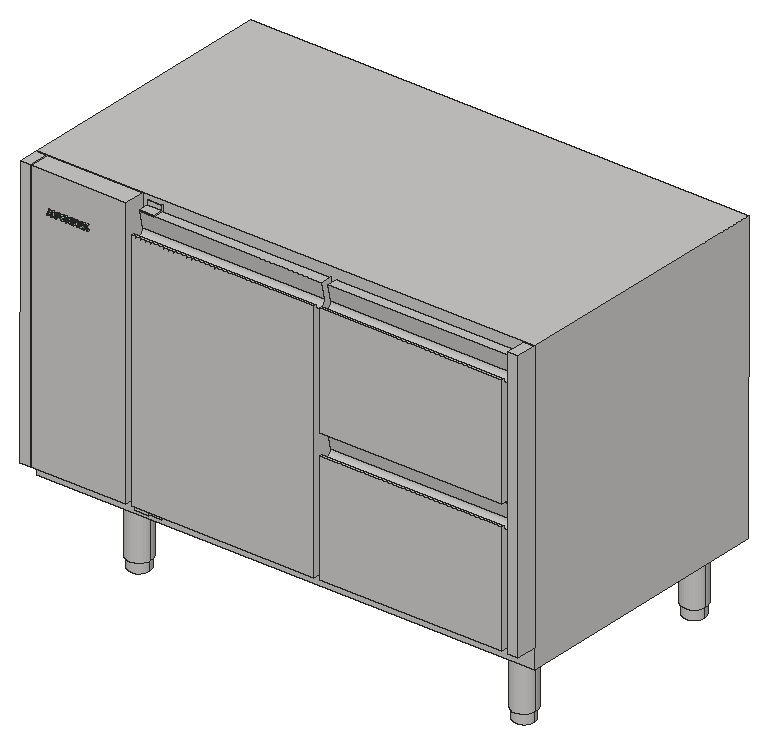
Revit family "QF_ALPENINOX_713344_AHR2RL", category Specialty Equipment, Revit 2014
Parameters
  Manufacturer = ""
  Model = ""
  Description = ""
Reference planes
  plane 1: z = 0
  plane 2 "Center (Left/Right)": x = -124.5
  plane 3 "Center (Front/Back)": y = 64.5
  plane 4 "FEET": z = 150
  plane 5 "TOP": z = 900
  plane 6 "PLAIN": z = 850
  plane 7 "EI_back": y = -116
  plane 8 "EI_left": x = -598
  plane 9 "BACK": y = 412
  plane 10 "FRONT": y = -283
  plane 11 "DOOR": y = -233
  plane 12 "LEFT": x = -726
  plane 13 "RIGHT": x = 477
  plane 14: x = -701
  plane 15: x = 452
  plane 16 "RO_left": x = -645
  plane 17 "RI_left": x = -620
  plane 18 "RO_back": y = 39
  plane 19 "RI_back": y = 39
  plane 20 "DRAINleft": x = -660
  plane 21 "DRAINback": y = 164
Forms (mm)
  Extrusion 1, solid, material "QF_Finishes_Stainless Steel"
    sketch origin (-1022.223, -1524, 150) x (-1, 0, 0) y (0, -1, 0)
      loop
        circle (-424.223, -1408) r 5
    from 0 to -40
  Extrusion 2, solid, material "QF_Finishes_Stainless Steel"
    sketch origin (-1022.223, -1524, 150) x (-1, 0, 0) y (0, -1, 0)
      loop
        line (-1474.223, -1291) -> (-1474.223, -1241) -> (-1499.223, -1241) -> (-1499.223, -1291) -> (-1474.223, -1291)
    from 48 to 700
  Extrusion 3, solid, material "QF_Finishes_Stainless Steel"
    sketch origin (-1022.223, -1524, 150) x (-1, 0, 0) y (0, -1, 0)
      loop
        circle (-377.223, -1563) r 4.25
    from 0 to -20
  Extrusion 4, solid, material "QF_Finishes_Stainless Steel"
    sketch origin (-1022.223, -1524, 150) x (-1, 0, 0) y (0, -1, 0)
      loop
        circle (-402.223, -1563) r 4
    from 0 to -20
  Extrusion 5, solid, material "QF_Finishes_Stainless Steel"
    sketch origin (-1022.223, -1524, 150) x (-1, 0, 0) y (0, -1, 0)
      loop
        circle (-362.223, -1688) r 8.5
    from 0 to -40
  Extrusion 6, solid, material "QF_Finishes_Stainless Steel"
    sketch origin (-1022.223, -1524, 150) x (-1, 0, 0) y (0, -1, 0)
      loop
        line (-296.223, -1936) -> (-296.223, -1291) -> (-1499.223, -1291) -> (-1499.223, -1936) -> (-296.223, -1936)
    from 0 to 700
  Extrusion 7, solid, material "QF_Finishes_Stainless Steel"
    sketch origin (773.223, -1524, 150) x (1, 0, 0) y (0, 1, 0)
      loop
        line (-1474.223, 1291) -> (-1499.223, 1291) -> (-1499.223, 1241) -> (-1474.223, 1241) -> (-1474.223, 1291)
    from 48 to 700
Lines and regions (mm)
  symbolic lines, style "SpecialityEquipmentHiddenLines"
    curve 1: line (-726, 412, 150) -> (477, 412, 150)
    curve 2: line (-726, -283, 150) -> (-726, 412, 150)
    curve 3: line (477, -283, 150) -> (-726, -283, 150)
    curve 4: line (477, 412, 150) -> (477, -283, 150)
    curve 5: line (-726, -233, 150) -> (477, -233, 150)
    curve 6: line (452, -233, 150) -> (452, -283, 150)
    curve 7: line (-701, -233, 150) -> (-701, -283, 150)
Dimensions and locks
  plane 4 "FEET" to level = 150 mm
  plane 11 "DOOR" to plane 10 "FRONT" = 50 mm
  plane 6 "PLAIN" to plane 4 "FEET" = 700 mm
  plane 5 "TOP" to plane 6 "PLAIN" = 50 mm
  plane 12 "LEFT" to plane 14 = 25 mm
  plane 15 to plane 13 "RIGHT" = 25 mm
  plane 9 "BACK" to plane 18 "RO_back" = 373 mm
  plane 9 "BACK" to plane 7 "EI_back" = 528 mm
  plane 9 "BACK" to plane 19 "RI_back" = 373 mm
  plane 9 "BACK" to plane 21 "DRAINback" = 248 mm
  plane 12 "LEFT" to plane 20 "DRAINleft" = 66 mm
  plane 12 "LEFT" to plane 8 "EI_left" = 128 mm
  plane 12 "LEFT" to plane 17 "RI_left" = 106 mm
  plane 12 "LEFT" to plane 16 "RO_left" = 81 mm
  plane 9 "BACK" to plane 10 "FRONT" = 695 mm
  equal spacing: plane 9 "BACK", plane 3 "Center (Front/Back)", plane 10 "FRONT"
  plane 12 "LEFT" to plane 13 "RIGHT" = 1203 mm
  equal spacing: plane 12 "LEFT", plane 2 "Center (Left/Right)", plane 13 "RIGHT"
  aligned and locked: level to plane 1
Automatic sketch dimensions
  Extrusion 1 sketch curve to plane 7 "EI_back" = 0 mm
  Extrusion 1 sketch curve to plane 8 "EI_left" = 0 mm
  Extrusion 2 sketch curve to plane 11 "DOOR" = 0 mm
  Extrusion 2 sketch curve to plane 13 "RIGHT" = 0 mm
  Extrusion 2 sketch curve to plane 10 "FRONT" = 0 mm
  Extrusion 2 sketch curve to plane 15 = 0 mm
  Extrusion 3 sketch curve to plane 16 "RO_left" = 0 mm
  Extrusion 3 sketch curve to plane 18 "RO_back" = 0 mm
  Extrusion 5 sketch curve to plane 20 "DRAINleft" = 0 mm
  Extrusion 5 sketch curve to plane 21 "DRAINback" = 0 mm
  Extrusion 6 sketch curve to plane 9 "BACK" = 0 mm
  Extrusion 6 sketch curve to plane 13 "RIGHT" = 0 mm
  Extrusion 6 sketch curve to plane 11 "DOOR" = 0 mm
  Extrusion 6 sketch curve to plane 12 "LEFT" = 0 mm
  curve 4 to plane 10 "FRONT" = 0 mm
  curve 4 to plane 13 "RIGHT" = 0 mm
  curve 6 to plane 11 "DOOR" = 0 mm
  curve 6 to plane 15 = 0 mm
  curve 7 to plane 14 = 0 mm
  curve 3 to plane 12 "LEFT" = 0 mm
  curve 1 to plane 9 "BACK" = 0 mm
  Extrusion 7 sketch curve to plane 11 "DOOR" = 0 mm
  Extrusion 7 sketch curve to plane 12 "LEFT" = 0 mm
  Extrusion 7 sketch curve to plane 10 "FRONT" = 0 mm
  Extrusion 7 sketch curve to plane 14 = 0 mm
  Extrusion 4 sketch curve to plane 17 "RI_left" = 0 mm
  Extrusion 4 sketch curve to plane 19 "RI_back" = 0 mm
  radius of Extrusion 1 sketch curve = 5 mm
  radius of Extrusion 3 sketch curve = 4.25 mm
  radius of Extrusion 5 sketch curve = 8.5 mm
  radius of Extrusion 4 sketch curve = 4 mm
Nested families
  nested 1: "HPP_Refrigerator" at (477, -283, 0), type "HPP_Refrigerator"
  nested 2: "HPP_FEET" at (-519, 331, 0), type "HPP_FEET"
  nested 3: "HPP_FEET" at (411, 331, 0), type "HPP_FEET"
  nested 4: "HPP_FEET" at (-519, -183, 0), type "HPP_FEET"
  nested 5: "HPP_FEET" at (411, -183, 0), type "HPP_FEET"
  nested 6: "HPP_APX_REM_TN_L" at (-506.58, -233, 598) x (1, 0, 0) z (0, -1, 0), type "HPP_APX_REM_TN_L"
    with Show Logo yes
  nested 7: "HPP_APX_SD_L" at (-236, -233, 512) x (1, 0, 0) z (0, -1, 0), type "HPP_APX_SD_L"
    with Show Clearance yes
  nested 8: "HPP_APX_HALF" at (218, -233, 512) x (1, 0, 0) z (0, -1, 0), type "HPP_APX_HALF"
    with Show Clearance yes
Connectors
  electrical at (-598, -116, 110)
    settings: on Extrusion 1, index 1, voltage 0 V, apparent load 0 VA, apparent load phase1 0 VA, apparent load phase2 0 VA, apparent load phase3 0 VA, power factor 1, load classification "Other", number of poles 1, system type 31, power factor state 1, is connector primary yes, connector utility no, sub classification motor no, connector description "Electrical Connection"
  piping at (-645, 39, 130), diameter 9.5
    settings: on Extrusion 3, index 3, connector inside diameter 609.6 mm, connector length 0 mm, flow factor 0, pipe flow 0.0 L/s, pressure drop 0.0 Pa, fitting loss kfactor 0, connector angle 0.00°, fixture units 0, engagement length 0 mm, angle of deflection 0.00°, flow configuration 1, flow direction 2, fitting loss method 0, system type 8, joint type 0, gender type 0, connector reference index -1, connector utility 0, adjustable connector no, is connector primary yes, connector description "Refrigerant Outlet"
  piping at (-620, 39, 130), diameter 8
    settings: on Extrusion 4, index 4, connector inside diameter 609.6 mm, connector length 0 mm, flow factor 0, pipe flow 0.0 L/s, pressure drop 0.0 Pa, fitting loss kfactor 0, connector angle 0.00°, fixture units 0, engagement length 0 mm, angle of deflection 0.00°, flow configuration 1, flow direction 1, fitting loss method 0, system type 7, joint type 0, gender type 0, connector reference index -1, connector utility 0, adjustable connector no, is connector primary no, connector description "Refrigerant Inlet"
  piping at (-660, 164, 110), diameter 17
    settings: on Extrusion 5, index 5, connector inside diameter 609.6 mm, connector length 0 mm, flow factor 0, pipe flow 0.0 L/s, pressure drop 0.0 Pa, fitting loss kfactor 0, connector angle 0.00°, fixture units 0, engagement length 0 mm, angle of deflection 0.00°, flow configuration 1, flow direction 2, fitting loss method 0, system type 16, joint type 0, gender type 0, connector reference index -1, connector utility 0, adjustable connector no, is connector primary no, connector description "Drain"
Definition of nested family "HPP_FEET"
  Parameters (values of type "HPP_FEET")
    FEET = 150 mm
  Reference planes
    plane 1 "Center (Front/Back)": y = 0
    plane 2: z = 0
    plane 3 "Center (Left/Right)": x = 0
    plane 4: z = 150
  Forms (mm)
    Revolve 1, solid, material "QF_Finishes_Stainless Steel"
      sketch origin (255.05, 0, 608.09) x (0, 0, 1) y (-1, 0, 0)
        loop
          line (-608.09, 255.05) -> (-608.09, 230.05) -> (-583.09, 230.05) -> (-583.09, 226.05) -> (-458.09, 226.05) -> (-458.09, 255.05) -> (-608.09, 255.05)
        axis (-608.09, 255.05) -> (-458.09, 255.05)
      angle from 0 to 360
  Dimensions and locks
    locked: Revolve 1 sketch curve to Revolve 1 sketch curve at 125
    "FEET": plane 4 to plane 2
    aligned and locked: level to plane 2
    aligned and locked: plane 4 to Revolve 1 sketch curve
    aligned and locked: Revolve 1 sketch curve to level
    aligned and locked: plane 3 "Center (Left/Right)" to Revolve 1 sketch curve
  Automatic sketch dimensions
    Revolve 1 sketch curve to plane 3 "Center (Left/Right)" = 0 mm
    Revolve 1 sketch curve to Revolve 1 sketch curve = 25 mm
    Revolve 1 sketch curve to Revolve 1 sketch curve = 29 mm
    plane 4 to Revolve 1 sketch curve = 50 mm
    Revolve 1 sketch curve to Revolve 1 sketch curve = 20 mm
Definition of nested family "HPP_APX_REM_TN_L"
  Parameters (values of type "HPP_APX_REM_TN_L")
    Show Logo [instance] = yes
    Default Elevation = 1219.2 mm
  Reference planes
    plane 1 "Center (Front/Back)": y = -74
    plane 2: z = 0
    plane 3 "Center (Left/Right)": x = -78.92
    plane 4: x = -194.42
    plane 5: x = 36.58
    plane 6: y = 252
    plane 7: y = -400
  Forms (mm)
    Extrusion 1, solid
      sketch origin (0, 0, 0) x (1, 0, 0) y (0, 1, 0)
        loop
          line (-1219.2, 1219.2) -> (-1219.2, -1219.2) -> (1219.2, -1219.2) -> (1219.2, 1219.2) -> (-1219.2, 1219.2)
      from 0 to -304.8
    Extrusion 2, solid, material "QF_Finishes_Stainless Steel"
      sketch origin (0, 0, 0) x (1, 0, 0) y (0, 1, 0)
        loop
          line (-194.42, 252) -> (-194.42, -400) -> (36.58, -400) -> (36.58, 252) -> (-194.42, 252)
      from 0 to 50
    Extrusion 3, solid, material "QF_Finishes_Alpeninox_Soft Green"
      sketch origin (18.272, 0.892, 0) x (1, 0, 0) y (0, 1, 0)
        loop
          line (-168.675, 170.349) -> (-172.411, 160.318)
          arc (-172.411, 160.318) -> (-171.624, 158.497) -> (-169.837, 159.36) r 1.374
          line (-169.837, 159.36) -> (-169.268, 161.111) -> (-164.1, 161.111) -> (-163.54, 159.379)
          arc (-163.54, 159.379) -> (-161.802, 158.542) -> (-161.049, 160.318) r 1.333
          line (-161.049, 160.318) -> (-164.694, 170.349)
          arc (-164.694, 170.349) -> (-166.685, 171.876) -> (-168.675, 170.349) r 2.06
        loop
          line (-166.681, 169.055) -> (-168.469, 163.655) -> (-164.935, 163.655) -> (-166.681, 169.055)
        loop
          arc (-159.705, 160.042) -> (-159.262, 158.973) -> (-158.194, 158.531) r 1.512
          line (-158.194, 158.531) -> (-153.608, 158.531)
          arc (-153.608, 158.531) -> (-152.337, 159.802) -> (-153.608, 161.074) r 1.272
          line (-153.608, 161.074) -> (-156.917, 161.074) -> (-156.917, 170.328)
          arc (-156.917, 170.328) -> (-158.311, 171.722) -> (-159.705, 170.328) r 1.394
          line (-159.705, 170.328) -> (-159.705, 160.042)
        loop
          line (-151.076, 170.218) -> (-151.076, 159.859)
          arc (-151.076, 159.859) -> (-149.683, 158.466) -> (-148.29, 159.859) r 1.393
          line (-148.29, 159.859) -> (-148.29, 162.882) -> (-146.225, 162.882)
          arc (-146.225, 162.882) -> (-142.999, 163.859) -> (-141.608, 166.928) r 4.082
          arc (-141.608, 166.928) -> (-142.993, 170.272) -> (-146.336, 171.657) r 4.728
          line (-146.336, 171.657) -> (-149.638, 171.657)
          arc (-149.638, 171.657) -> (-150.655, 171.235) -> (-151.076, 170.218) r 1.439
        loop
          line (-148.29, 165.313) -> (-146.388, 165.313)
          arc (-146.388, 165.313) -> (-144.433, 167.268) -> (-146.388, 169.222) r 1.955
          line (-146.388, 169.222) -> (-148.29, 169.222) -> (-148.29, 165.313)
        loop
          arc (-131.184, 166.332) -> (-132.004, 168.2) -> (-133.767, 169.228) r 3.3
          arc (-133.767, 169.228) -> (-136.353, 168.661) -> (-137.611, 166.332) r 3.176
          line (-137.611, 166.332) -> (-131.184, 166.332)
        loop
          line (-137.538, 163.743) -> (-130.544, 163.743)
          arc (-130.544, 163.743) -> (-129.292, 163.916) -> (-128.301, 164.701) r 2.4
          arc (-128.301, 164.701) -> (-128.155, 165.545) -> (-128.212, 166.399) r 3.635
          arc (-128.212, 166.399) -> (-130.364, 170.162) -> (-134.39, 171.769) r 6.579
          arc (-134.39, 171.769) -> (-138.918, 169.706) -> (-140.661, 165.044) r 6.501
          arc (-140.661, 165.044) -> (-139.276, 160.789) -> (-135.401, 158.549) r 6.252
          arc (-135.401, 158.549) -> (-132.922, 158.526) -> (-130.544, 159.232) r 8.361
          arc (-130.544, 159.232) -> (-129.466, 159.781) -> (-128.641, 160.666) r 3.486
          arc (-128.641, 160.666) -> (-128.419, 161.592) -> (-128.828, 162.451) r 1.425
          arc (-128.828, 162.451) -> (-129.368, 162.762) -> (-129.99, 162.762) r 1.203
          arc (-129.99, 162.762) -> (-130.406, 162.59) -> (-130.764, 162.316) r 1.724
          arc (-130.764, 162.316) -> (-131.666, 161.705) -> (-132.646, 161.229) r 7.6
          arc (-132.646, 161.229) -> (-135.676, 161.35) -> (-137.538, 163.743) r 3.6
        loop
          line (-126.669, 170.328) -> (-126.669, 159.859)
          arc (-126.669, 159.859) -> (-125.273, 158.463) -> (-123.878, 159.859) r 1.396
          line (-123.878, 159.859) -> (-123.878, 166.785) -> (-117.946, 159.029)
          arc (-117.946, 159.029) -> (-116.361, 158.51) -> (-115.379, 159.859) r 1.417
          line (-115.379, 159.859) -> (-115.379, 170.328)
          arc (-115.379, 170.328) -> (-116.774, 171.723) -> (-118.169, 170.328) r 1.395
          line (-118.169, 170.328) -> (-118.169, 163.311) -> (-124.101, 171.157)
          arc (-124.101, 171.157) -> (-125.687, 171.678) -> (-126.669, 170.328) r 1.418
        loop
          arc (-113.636, 159.859) -> (-112.241, 158.464) -> (-110.847, 159.859) r 1.394
          line (-110.847, 159.859) -> (-110.847, 170.328)
          arc (-110.847, 170.328) -> (-112.241, 171.723) -> (-113.636, 170.328) r 1.394
          line (-113.636, 170.328) -> (-113.636, 159.859)
        loop
          line (-109.102, 170.328) -> (-109.102, 159.859)
          arc (-109.102, 159.859) -> (-107.706, 158.463) -> (-106.31, 159.859) r 1.396
          line (-106.31, 159.859) -> (-106.31, 166.785) -> (-100.378, 159.029)
          arc (-100.378, 159.029) -> (-98.793, 158.51) -> (-97.812, 159.859) r 1.417
          line (-97.812, 159.859) -> (-97.812, 170.328)
          arc (-97.812, 170.328) -> (-99.207, 171.723) -> (-100.602, 170.328) r 1.395
          line (-100.602, 170.328) -> (-100.602, 163.311) -> (-106.533, 171.157)
          arc (-106.533, 171.157) -> (-108.119, 171.678) -> (-109.102, 170.328) r 1.418
        loop
          arc (-96.345, 165.093) -> (-95.619, 161.877) -> (-93.467, 159.379) r 6.806
          arc (-93.467, 159.379) -> (-91.792, 158.566) -> (-89.948, 158.31) r 5.956
          arc (-89.948, 158.31) -> (-88.104, 158.566) -> (-86.43, 159.379) r 5.956
          arc (-86.43, 159.379) -> (-84.277, 161.877) -> (-83.551, 165.093) r 6.806
          arc (-83.551, 165.093) -> (-84.277, 168.31) -> (-86.43, 170.808) r 6.806
          arc (-86.43, 170.808) -> (-88.104, 171.621) -> (-89.948, 171.877) r 5.956
          arc (-89.948, 171.877) -> (-91.792, 171.621) -> (-93.467, 170.808) r 5.956
          arc (-93.467, 170.808) -> (-95.619, 168.31) -> (-96.345, 165.093) r 6.806
        loop
          arc (-93.425, 165.093) -> (-93.138, 163.212) -> (-92.081, 161.629) r 4.387
          arc (-92.081, 161.629) -> (-91.087, 161.049) -> (-89.948, 160.881) r 3.035
          arc (-89.948, 160.881) -> (-88.809, 161.049) -> (-87.815, 161.629) r 3.035
          arc (-87.815, 161.629) -> (-86.759, 163.212) -> (-86.472, 165.093) r 4.387
          arc (-86.472, 165.093) -> (-86.759, 166.975) -> (-87.815, 168.558) r 4.387
          arc (-87.815, 168.558) -> (-88.809, 169.138) -> (-89.948, 169.306) r 3.035
          arc (-89.948, 169.306) -> (-91.087, 169.138) -> (-92.081, 168.558) r 3.035
          arc (-92.081, 168.558) -> (-93.138, 166.975) -> (-93.425, 165.093) r 4.387
        loop
          line (-82.843, 169.609) -> (-79.829, 165.552) -> (-83.513, 160.652)
          arc (-83.513, 160.652) -> (-83.216, 158.692) -> (-81.262, 159.029) r 1.388
          line (-81.262, 159.029) -> (-78.213, 163.232) -> (-75.164, 159.029)
          arc (-75.164, 159.029) -> (-73.211, 158.692) -> (-72.913, 160.652) r 1.388
          line (-72.913, 160.652) -> (-76.597, 165.552) -> (-73.584, 169.609)
          arc (-73.584, 169.609) -> (-73.952, 171.597) -> (-75.908, 171.084) r 1.38
          line (-75.908, 171.084) -> (-78.213, 167.841) -> (-80.519, 171.084)
          arc (-80.519, 171.084) -> (-82.474, 171.597) -> (-82.843, 169.609) r 1.38
      from 50 to 51.6
  Lines and regions (mm)
    Split face 1
      outline origin (0, 0, 50) x (1, 0, 0) y (0, 1, 0)
        loop
          line (36.58, 183) -> (-147.92, 183)
          arc (-147.92, 183) -> (-165.42, 165.5) -> (-147.92, 148) r 17.5
          line (-147.92, 148) -> (36.58, 148)
    Split face 2
      outline origin (12.5, 0, 50) x (1, 0, 0) y (0, 1, 0)
        loop
          line (-55.92, 177) -> (-55.92, 154) -> (14.08, 154) -> (14.08, 177) -> (-55.92, 177)
    Split face 3
      outline origin (12.5, 0, 50) x (1, 0, 0) y (0, 1, 0)
        loop
          line (-5.92, 174) -> (-5.92, 157) -> (11.08, 157) -> (11.08, 174) -> (-5.92, 174)
    Split face 4
      outline origin (0, 0, 50) x (1, 0, 0) y (0, 1, 0)
        loop
          line (-194.42, 188) -> (36.58, 188)
        loop
          line (-194.42, 143) -> (36.58, 143)
    symbolic lines, style "SpecialityEquipmentHiddenLines"
      curve 1: line (36.58, -74, 50) -> (36.58, -74, 0)
      curve 2: line (-194.42, -74, 50) -> (-194.42, -74, 0)
  Dimensions and locks
    equal spacing: plane 6, plane 1 "Center (Front/Back)", plane 7
    plane 4 to plane 5 = 231 mm
    equal spacing: plane 4, plane 3 "Center (Left/Right)", plane 5
    plane 6 to plane 7 = 652 mm
    aligned and locked: plane 2 to Extrusion 1
    aligned and locked: level to Extrusion 1
  Automatic sketch dimensions
    Extrusion 1 sketch curve to Extrusion 1 sketch curve = 2438.4 mm  (x2)
    Extrusion 2 sketch curve to plane 4 = 0 mm
    Extrusion 2 sketch curve to plane 5 = 0 mm
    Extrusion 2 sketch curve to plane 7 = 0 mm
    Extrusion 2 sketch curve to plane 6 = 0 mm
    Split face 1 sketch curve to Extrusion 2 = 0 mm  (x2)
    Split face 1 sketch curve to Extrusion 2 = 46.5 mm
    Split face 1 sketch curve to Extrusion 2 = 86.5 mm
    Split face 1 sketch curve to Split face 1 sketch curve = 17.5 mm
    Split face 2 sketch curve to Extrusion 2 = 80 mm
    Split face 2 sketch curve to Extrusion 2 = 10 mm
    Split face 2 sketch curve to Extrusion 2 = 98 mm
    Split face 2 sketch curve to Split face 2 sketch curve = 23 mm
    Split face 3 sketch curve to Extrusion 2 = 30 mm
    Split face 3 sketch curve to Split face 3 sketch curve = 17 mm  (x2)
    Split face 3 sketch curve to Extrusion 2 = 95 mm
    plane 4 to Extrusion 3 sketch curve = 40.282 mm
    Extrusion 3 sketch curve to Extrusion 3 sketch curve = 1.266 mm
    Extrusion 3 sketch curve to Extrusion 3 sketch curve = 1.307 mm
    Extrusion 3 sketch curve to Extrusion 3 sketch curve = 0.57 mm
    Extrusion 3 sketch curve to Extrusion 3 sketch curve = 0.593 mm
    Extrusion 3 sketch curve to Extrusion 3 sketch curve = 0.799 mm
    Extrusion 3 sketch curve to Extrusion 3 sketch curve = 1.99 mm  (x2)
    Extrusion 3 sketch curve to Extrusion 3 sketch curve = 0.003 mm
    Extrusion 3 sketch curve to Extrusion 3 sketch curve = 3.534 mm
    Extrusion 3 sketch curve to Extrusion 3 sketch curve = 0.835 mm
    Extrusion 3 sketch curve to Extrusion 3 sketch curve = 0.56 mm
    Extrusion 3 sketch curve to Extrusion 3 sketch curve = 1.268 mm
    Extrusion 3 sketch curve to Extrusion 3 sketch curve = 1.223 mm
    Extrusion 3 sketch curve to Extrusion 3 sketch curve = 1.344 mm
    Extrusion 3 sketch curve to Extrusion 3 sketch curve = 1.394 mm  (x2)
    Extrusion 3 sketch curve to Extrusion 3 sketch curve = 1.512 mm
    Extrusion 3 sketch curve to Extrusion 3 sketch curve = 3.309 mm
    Extrusion 3 sketch curve to Extrusion 3 sketch curve = 5.841 mm
    Extrusion 3 sketch curve to Extrusion 3 sketch curve = 1.393 mm
    Extrusion 3 sketch curve to Extrusion 3 sketch curve = 1.439 mm
    Extrusion 3 sketch curve to Extrusion 3 sketch curve = 0 mm  (x18)
    Extrusion 3 sketch curve to Extrusion 3 sketch curve = 1.902 mm
    Extrusion 3 sketch curve to Extrusion 3 sketch curve = 0.052 mm
    Extrusion 3 sketch curve to Extrusion 3 sketch curve = 2.065 mm
    Extrusion 3 sketch curve to Extrusion 3 sketch curve = 0.647 mm
    Extrusion 3 sketch curve to Extrusion 3 sketch curve = 8.079 mm
    Extrusion 3 sketch curve to Extrusion 3 sketch curve = 0.073 mm
    Extrusion 3 sketch curve to Extrusion 3 sketch curve = 2.145 mm
    Extrusion 3 sketch curve to Extrusion 3 sketch curve = 2.931 mm
    Extrusion 3 sketch curve to Extrusion 3 sketch curve = 0.213 mm
    Extrusion 3 sketch curve to Extrusion 3 sketch curve = 0.026 mm
    Extrusion 3 sketch curve to Extrusion 3 sketch curve = 0.263 mm
    Extrusion 3 sketch curve to Extrusion 3 sketch curve = 0.516 mm
    Extrusion 3 sketch curve to Extrusion 3 sketch curve = 0.356 mm
    Extrusion 3 sketch curve to Extrusion 3 sketch curve = 0.387 mm
    Extrusion 3 sketch curve to Extrusion 3 sketch curve = 2.378 mm
    Extrusion 3 sketch curve to Extrusion 3 sketch curve = 2.466 mm
    Extrusion 3 sketch curve to Extrusion 3 sketch curve = 0.602 mm
    Extrusion 3 sketch curve to Extrusion 3 sketch curve = 1.02 mm
    Extrusion 3 sketch curve to Extrusion 3 sketch curve = 0.949 mm
    Extrusion 3 sketch curve to Extrusion 3 sketch curve = 1.728 mm
    Extrusion 3 sketch curve to Extrusion 3 sketch curve = 0.157 mm  (x2)
    Extrusion 3 sketch curve to Extrusion 3 sketch curve = 0.292 mm
    Extrusion 3 sketch curve to Extrusion 3 sketch curve = 3.565 mm
    Extrusion 3 sketch curve to Extrusion 3 sketch curve = 1.396 mm  (x2)
    Extrusion 3 sketch curve to Extrusion 3 sketch curve = 1.418 mm  (x2)
    Extrusion 3 sketch curve to Extrusion 3 sketch curve = 1.151 mm  (x2)
    Extrusion 3 sketch curve to Extrusion 3 sketch curve = 5.709 mm  (x2)
    Extrusion 3 sketch curve to Extrusion 3 sketch curve = 0.224 mm  (x2)
    Extrusion 3 sketch curve to Extrusion 3 sketch curve = 1.149 mm  (x2)
    Extrusion 3 sketch curve to Extrusion 3 sketch curve = 1.395 mm  (x2)
    Extrusion 3 sketch curve to Extrusion 3 sketch curve = 1.744 mm
    Extrusion 3 sketch curve to Extrusion 3 sketch curve = 1.745 mm
    plane 3 "Center (Left/Right)" to Extrusion 3 sketch curve = 6.343 mm
    Extrusion 3 sketch curve to Extrusion 3 sketch curve = 0.493 mm  (x3)
    Extrusion 3 sketch curve to Extrusion 3 sketch curve = 0.273 mm  (x2)
    Extrusion 3 sketch curve to Extrusion 3 sketch curve = 0.021 mm  (x2)
    Extrusion 3 sketch curve to Extrusion 3 sketch curve = 0.226 mm  (x2)
    Extrusion 3 sketch curve to Extrusion 3 sketch curve = 0.268 mm  (x2)
    Extrusion 3 sketch curve to Extrusion 3 sketch curve = 0.294 mm
    Extrusion 3 sketch curve to Extrusion 3 sketch curve = 5.534 mm
    Extrusion 3 sketch curve to Extrusion 3 sketch curve = 6.205 mm
    Extrusion 3 sketch curve to Extrusion 3 sketch curve = 1.109 mm  (x2)
    Extrusion 3 sketch curve to Extrusion 3 sketch curve = 1.108 mm  (x2)
    Extrusion 3 sketch curve to Extrusion 3 sketch curve = 1.142 mm  (x2)
    Extrusion 3 sketch curve to Extrusion 3 sketch curve = 1.216 mm  (x2)
    Extrusion 3 sketch curve to Extrusion 3 sketch curve = 3.013 mm
    Extrusion 3 sketch curve to Extrusion 3 sketch curve = 1.616 mm  (x3)
    Extrusion 3 sketch curve to Extrusion 3 sketch curve = 2.305 mm
    Extrusion 3 sketch curve to Extrusion 3 sketch curve = 3.049 mm
    Extrusion 3 sketch curve to plane 6 = 92.577 mm
    Extrusion 3 sketch curve to Extrusion 3 sketch curve = 0.498 mm
    Extrusion 3 sketch curve to Extrusion 3 sketch curve = 0.682 mm
    Extrusion 3 sketch curve to Extrusion 3 sketch curve = 0.664 mm
    Extrusion 3 sketch curve to Extrusion 3 sketch curve = 0.425 mm
    Extrusion 3 sketch curve to Extrusion 3 sketch curve = 0.41 mm
    Extrusion 3 sketch curve to Extrusion 3 sketch curve = 1.272 mm
    Extrusion 3 sketch curve to Extrusion 3 sketch curve = 0.789 mm  (x2)
    Extrusion 3 sketch curve to Extrusion 3 sketch curve = 0.056 mm
    Extrusion 3 sketch curve to Extrusion 3 sketch curve = 0.83 mm
    Extrusion 3 sketch curve to Extrusion 3 sketch curve = 1.238 mm
    Extrusion 3 sketch curve to Extrusion 3 sketch curve = 1.732 mm
    Extrusion 3 sketch curve to Extrusion 3 sketch curve = 0.346 mm
    Extrusion 3 sketch curve to Extrusion 3 sketch curve = 1.123 mm
    Extrusion 3 sketch curve to Extrusion 3 sketch curve = 3.023 mm
    Extrusion 3 sketch curve to Extrusion 3 sketch curve = 4.203 mm
    Extrusion 3 sketch curve to Extrusion 3 sketch curve = 3.452 mm  (x2)
    Extrusion 3 sketch curve to Extrusion 3 sketch curve = 2.544 mm
    Extrusion 3 sketch curve to Extrusion 3 sketch curve = 1.177 mm
    Extrusion 3 sketch curve to Extrusion 3 sketch curve = 3.261 mm
    Extrusion 3 sketch curve to Extrusion 3 sketch curve = 0.352 mm  (x2)
    Extrusion 3 sketch curve to Extrusion 3 sketch curve = 1.987 mm
    Extrusion 3 sketch curve to Extrusion 3 sketch curve = 0.171 mm
    Extrusion 3 sketch curve to Extrusion 3 sketch curve = 0.533 mm  (x3)
    Extrusion 3 sketch curve to Extrusion 3 sketch curve = 0.14 mm  (x4)
    Extrusion 3 sketch curve to Extrusion 3 sketch curve = 0.473 mm
    Extrusion 3 sketch curve to Extrusion 3 sketch curve = 0.31 mm  (x2)
    Extrusion 3 sketch curve to Extrusion 3 sketch curve = 0.075 mm
    Extrusion 3 sketch curve to Extrusion 3 sketch curve = 2.431 mm
    Extrusion 3 sketch curve to Extrusion 3 sketch curve = 2.32 mm  (x2)
    Extrusion 3 sketch curve to Extrusion 3 sketch curve = 1.992 mm
    Extrusion 3 sketch curve to Extrusion 3 sketch curve = 0.674 mm
    Extrusion 3 sketch curve to Extrusion 3 sketch curve = 0.732 mm
    Extrusion 3 sketch curve to Extrusion 3 sketch curve = 0.388 mm
    Extrusion 3 sketch curve to Extrusion 3 sketch curve = 0.121 mm
    Extrusion 3 sketch curve to Extrusion 3 sketch curve = 2.589 mm
    Extrusion 3 sketch curve to Extrusion 3 sketch curve = 0.662 mm
    Extrusion 3 sketch curve to Extrusion 3 sketch curve = 3.473 mm
    Extrusion 3 sketch curve to Extrusion 3 sketch curve = 0.681 mm
    Extrusion 3 sketch curve to Extrusion 3 sketch curve = 1.615 mm
    Extrusion 3 sketch curve to Extrusion 3 sketch curve = 0.34 mm
    Extrusion 3 sketch curve to Extrusion 3 sketch curve = 2.288 mm
    Extrusion 3 sketch curve to Extrusion 3 sketch curve = 0.942 mm
    Extrusion 3 sketch curve to Extrusion 3 sketch curve = 5.4 mm
    Extrusion 3 sketch curve to Extrusion 3 sketch curve = 1.768 mm  (x2)
    Extrusion 3 sketch curve to Extrusion 3 sketch curve = 0.761 mm
    Extrusion 3 sketch curve to Extrusion 3 sketch curve = 0.996 mm
    Extrusion 3 sketch curve to Extrusion 3 sketch curve = 3.543 mm  (x2)
    Extrusion 3 sketch curve to Extrusion 3 sketch curve = 7.017 mm
    Extrusion 3 sketch curve to Extrusion 3 sketch curve = 0.11 mm
    Extrusion 3 sketch curve to Extrusion 3 sketch curve = 0.823 mm  (x2)
    Extrusion 3 sketch curve to Extrusion 3 sketch curve = 0.947 mm
    Extrusion 3 sketch curve to Extrusion 3 sketch curve = 3.837 mm
    Extrusion 3 sketch curve to Extrusion 3 sketch curve = 0.623 mm
    Extrusion 3 sketch curve to Extrusion 3 sketch curve = 1.082 mm
    Extrusion 3 sketch curve to Extrusion 3 sketch curve = 0.801 mm
    Extrusion 3 sketch curve to Extrusion 3 sketch curve = 1 mm
    Extrusion 3 sketch curve to Extrusion 3 sketch curve = 0.089 mm
    plane 3 "Center (Left/Right)" to Extrusion 3 sketch curve = 0.847 mm
    plane 3 "Center (Left/Right)" to Extrusion 3 sketch curve = 3.726 mm  (x2)
    plane 3 "Center (Left/Right)" to Extrusion 3 sketch curve = 3.767 mm
    plane 3 "Center (Left/Right)" to Extrusion 3 sketch curve = 5.111 mm  (x2)
    plane 3 "Center (Left/Right)" to Extrusion 3 sketch curve = 7.244 mm  (x4)
    Extrusion 3 sketch curve to Extrusion 3 sketch curve = 2.133 mm  (x2)
    Extrusion 3 sketch curve to Extrusion 3 sketch curve = 1.385 mm  (x2)
    Extrusion 3 sketch curve to Extrusion 3 sketch curve = 5.603 mm
    Extrusion 3 sketch curve to Extrusion 3 sketch curve = 2.571 mm
    Split face 4 sketch curve to Extrusion 2 = 0 mm  (x4)
    Split face 4 sketch curve to Extrusion 2 = 109 mm
    Split face 4 sketch curve to Split face 4 sketch curve = 45 mm
    curve 2 to plane 4 = 0 mm
    curve 1 to level = 0 mm
    curve 1 to plane 5 = 0 mm
    curve 2 to level = 0 mm
    level to curve 2 = 50 mm
    level to curve 1 = 50 mm
Definition of nested family "HPP_APX_SD_L"
  Parameters (values of type "HPP_APX_SD_L")
    Show Clearance [instance] = yes
    Default Elevation = 1219.2 mm
  Reference planes
    plane 1 "Center (Front/Back)": y = 0
    plane 2: z = 0
    plane 3 "Center (Left/Right)": x = 0
    plane 4: x = -234
    plane 5: x = 234
  Forms (mm)
    Extrusion 1, solid
      sketch origin (0, 0, 0) x (1, 0, 0) y (0, 1, 0)
        loop
          line (-1219.2, 1219.2) -> (-1219.2, -1219.2) -> (1219.2, -1219.2) -> (1219.2, 1219.2) -> (-1219.2, 1219.2)
      from 0 to -304.8
    Extrusion 2, solid, material "QF_Finishes_Stainless Steel"
      sketch origin (0, 0, -3) x (0, 1, 0) y (0, 0, 1)
        loop
          line (-314, 53) -> (-314, 3) -> (314, 3) -> (314, 29) -> (274.395, 20)
          arc (274.395, 20) -> (260.396, 33.803) -> (274, 47.994) r 14
          line (274, 47.994) -> (274, 53) -> (-314, 53)
      from -220 to 220
    Extrusion 3, solid, material "QF_Finishes_Stainless Steel"
      sketch origin (0, 0, 0) x (0, 1, 0) y (0, 0, -1)
        loop
          line (-323.003, -40.312) -> (-323.003, -12.259) -> (-323.003, 0) -> (-351.511, 0) -> (-351.511, -2.5) -> (-325.503, -2.5) -> (-325.503, -42.812) -> (-316.501, -42.812) -> (-316.501, -40.312) -> (-323.003, -40.312)
        loop
          line (-314, -38.311) -> (-314, -11.804) -> (-319.752, -11.804) -> (-319.752, -14.304) -> (-316.501, -14.304) -> (-316.501, -38.311) -> (-314, -38.311)
        loop
          line (315.003, -27.948) -> (317.503, -27.948) -> (317.503, -2.5) -> (327.503, -2.5) -> (327.503, 0) -> (315.003, 0) -> (315.003, -2.948) -> (315.003, -27.948)
      from 185 to 220
    Extrusion 4, solid, material "QF_Door-Drawer Clearances", visible <- "Show Clearance", detail levels coarse
      sketch origin (0, 0, -3) x (-1, 0, 0) y (0, 0, -1)
        loop
          line (220, -53) -> (-220, -53)
          arc (-220, -53) -> (-79.636, -340.04) -> (220, -451) r 430
          line (220, -451) -> (220, -53)
      from -314 to 314
  Lines and regions (mm)
    symbolic lines, style "QF_Door-Drawer Clearances"
      curve 1: arc (219.599, 0, 55) -> (95.934, 0, 321.503) -> (-170, 0, 446.39) r 430
      curve 2: line (-220, 0, 55) -> (-220, 0, 448)
      curve 3: line (-170, 0, 55) -> (-170, 0, 448)
      curve 4: line (-220, 0, 448) -> (-170, 0, 448)
  Dimensions and locks
    plane 4 to plane 3 "Center (Left/Right)" to plane 5 = 234 mm locked, 234 mm locked
    aligned and locked: plane 2 to Extrusion 1
    aligned and locked: level to Extrusion 1
Definition of nested family "HPP_APX_HALF"
  Parameters (values of type "HPP_APX_HALF")
    Show Clearance [instance] = yes
    Default Elevation = 1219.2 mm
  Reference planes
    plane 1 "Center (Front/Back)": y = 0
    plane 2: z = 0
    plane 3 "Center (Left/Right)": x = 0
    plane 4: x = -234
    plane 5: x = 234
    plane 6: z = 618
  Forms (mm)
    Extrusion 1, solid
      sketch origin (0, 0, 0) x (1, 0, 0) y (0, 1, 0)
        loop
          line (-1219.2, 1219.2) -> (-1219.2, -1219.2) -> (1219.2, -1219.2) -> (1219.2, 1219.2) -> (-1219.2, 1219.2)
      from 0 to -304.8
    Extrusion 2, solid, material "QF_Finishes_Stainless Steel"
      sketch origin (0, 0, 0) x (0, 1, 0) y (0, 0, 1)
        loop
          line (314, 0) -> (314, 26) -> (274.395, 17)
          arc (274.395, 17) -> (260.395, 31) -> (274.395, 45) r 14
          line (274.395, 45) -> (274.395, 50) -> (5, 50) -> (5, 0) -> (314, 0)
        loop
          line (-5, 0) -> (-5, 26) -> (-44.605, 17)
          arc (-44.605, 17) -> (-58.605, 31) -> (-44.605, 45) r 14
          line (-44.605, 45) -> (-44.605, 50) -> (-314, 50) -> (-314, 0) -> (-5, 0)
      from -220 to 220
    Extrusion 3, solid, material "QF_Door-Drawer Clearances", visible <- "Show Clearance", detail levels coarse
      sketch origin (0, 0, 512) x (0, 1, 0) y (0, 0, 1)
        loop
          line (-314, 106) -> (-314, -462) -> (-5, -462) -> (-5, 82) -> (-44.605, 73)
          arc (-44.605, 73) -> (-58.605, 87) -> (-44.605, 101) r 14
          line (-44.605, 101) -> (-44.605, 106) -> (-314, 106)
        loop
          line (314, -462) -> (314, 82) -> (274.395, 73)
          arc (274.395, 73) -> (260.395, 87) -> (274.395, 101) r 14
          line (274.395, 101) -> (274.395, 106) -> (5, 106) -> (5, -462) -> (314, -462)
      from -220 to 220
  Lines and regions (mm)
    symbolic lines, style "QF_Door-Drawer Clearances"
      curve 1: line (220, 0, 139.793) -> (-220, 0, 139.793)
      curve 2: line (220, 0, 174.793) -> (-220, 0, 174.793)
      curve 3: line (220, 0, 259.793) -> (-220, 0, 259.793)
      curve 4: line (220, 0, 294.793) -> (-220, 0, 294.793)
      curve 5: line (191.424, 0, 139.793) -> (191.424, 0, 54.793)
      curve 6: line (-190, 0, 139.793) -> (-190, 0, 54.793)
      curve 7: line (191.424, 0, 259.793) -> (191.424, 0, 174.793)
      curve 8: line (-190, 0, 259.793) -> (-190, 0, 174.793)
      curve 9: line (220, 0, 259.793) -> (220, 0, 294.793)
      curve 10: line (-220, 0, 259.793) -> (-220, 0, 294.793)
      curve 11: line (220, 0, 139.793) -> (220, 0, 174.793)
      curve 12: line (-220, 0, 139.793) -> (-220, 0, 174.793)
  Dimensions and locks
    plane 4 to plane 3 "Center (Left/Right)" to plane 5 = 234 mm locked, 234 mm locked
    plane 6 to level = 618 mm
    aligned and locked: plane 2 to Extrusion 1
    aligned and locked: level to Extrusion 1
Definition of nested family "HPP_Refrigerator"
  Reference planes
    plane 1 "Center (Front/Back)": y = 0
    plane 2: z = 0
    plane 3 "Center (Left/Right)": x = 0
  Lines and regions (mm)
    detail lines, in view "Ref. Level"
      curve 1: spline (-500, 190, 0) -> (-493.185, 166.706, 0) -> (-473.205, 145, 0) -> (-441.421, 126.36, 0) -> (-400, 112.058, 0) -> (-351.764, 103.067, 0) -> (-300, 100, 0) -> (-248.236, 103.067, 0) -> (-200, 112.058, 0) -> (-158.579, 126.36, 0) -> (-126.795, 145, 0) -> (-106.815, 166.706, 0) -> (-100, 190, 0) -> (-106.815, 213.294, 0) -> (-126.795, 235, 0) -> (-158.579, 253.64, 0) -> (-200, 267.942, 0) -> (-248.236, 276.933, 0) -> (-300, 280, 0) -> (-351.764, 276.933, 0) -> (-400, 267.942, 0) -> (-441.421, 253.64, 0) -> (-473.205, 235, 0) -> (-493.185, 213.294, 0) -> (-500, 190, 0)
      curve 2: line (-300, 130, 0) -> (-300, 250, 0)
      curve 3: line (-351.962, 220, 0) -> (-248.038, 160, 0)
      curve 4: line (-351.962, 160, 0) -> (-248.038, 220, 0)
      curve 5: line (-280.884, 246.873, 0) -> (-300, 225, 0)
      curve 6: line (-300, 225, 0) -> (-319.116, 246.873, 0)
      curve 7: line (-330.311, 207.5, 0) -> (-339.696, 234.992, 0)
      curve 8: line (-358.812, 201.882, 0) -> (-330.311, 207.5, 0)
      curve 9: line (-330.311, 172.5, 0) -> (-358.812, 178.118, 0)
      curve 10: line (-339.696, 145.008, 0) -> (-330.311, 172.5, 0)
      curve 11: line (-300, 155, 0) -> (-319.116, 133.127, 0)
      curve 12: line (-280.884, 133.127, 0) -> (-300, 155, 0)
      curve 13: line (-269.689, 172.5, 0) -> (-260.304, 145.008, 0)
      curve 14: line (-241.188, 178.118, 0) -> (-269.689, 172.5, 0)
      curve 15: line (-269.689, 207.5, 0) -> (-241.188, 201.882, 0)
      curve 16: line (-260.304, 234.992, 0) -> (-269.689, 207.5, 0)
